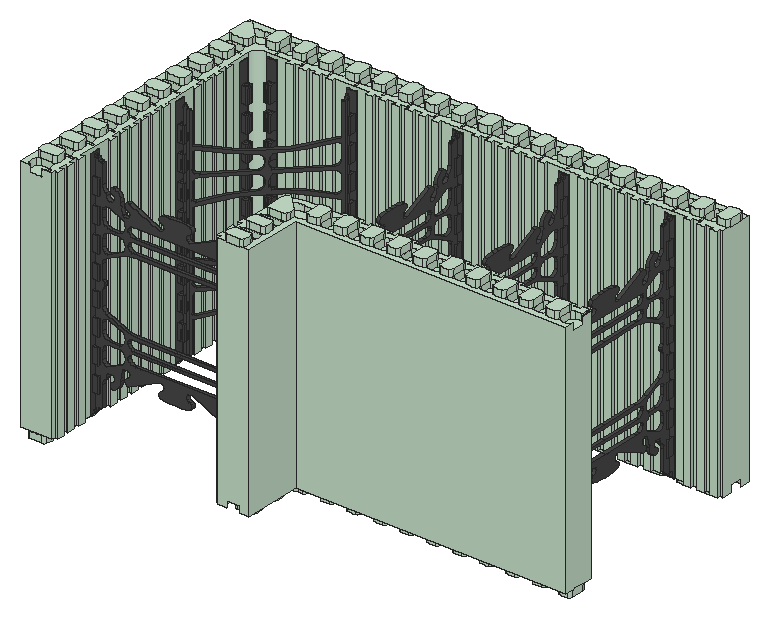
Revit family (continued)
Definition of nested family "NUDURA Diamond Pattern"
  Lines and regions (in)
    model lines
      curve 136: line (4.17062, -5.625, 4.69822) -> (4.54562, -5.625, 5.07322)
      curve 137: arc (4.54562, -5.625, 5.07322) -> (4.61884, -5.625, 5.25) -> (4.54562, -5.625, 5.42678) r 0.25
      curve 138: line (4.54562, -5.625, 5.42678) -> (4.17062, -5.625, 5.80178)
      curve 139: arc (3.69709, -5.625, 4.35858) -> (3.75567, -5.625, 4.5) -> (3.69709, -5.625, 4.64142) r 0.2
      curve 140: line (4.634, -5.625, 4.01517) -> (4.29059, -5.625, 4.35858)
      curve 141: arc (4.634, -5.625, 3.48484) -> (4.74384, -5.625, 3.75) -> (4.634, -5.625, 4.01517) r 0.375
      curve 142: line (4.29059, -5.625, 3.14142) -> (4.634, -5.625, 3.48484)
      curve 143: line (3.35367, -5.625, 3.48484) -> (3.69709, -5.625, 3.14142)
      curve 144: arc (3.35367, -5.625, 4.01517) -> (3.24384, -5.625, 3.75) -> (3.35367, -5.625, 3.48484) r 0.375
      curve 145: line (3.69709, -5.625, 4.35858) -> (3.35367, -5.625, 4.01517)
      curve 146: arc (4.17062, -5.625, 4.30178) -> (3.99384, -5.625, 4.375) -> (3.81706, -5.625, 4.30178) r 0.25
      curve 147: line (3.81706, -5.625, 4.30178) -> (3.44206, -5.625, 3.92678)
      curve 148: arc (3.44206, -5.625, 3.92678) -> (3.36884, -5.625, 3.75) -> (3.44206, -5.625, 3.57322) r 0.25
      curve 149: line (3.44206, -5.625, 3.57322) -> (3.81706, -5.625, 3.19822)
      curve 150: arc (3.81706, -5.625, 3.19822) -> (3.99384, -5.625, 3.125) -> (4.17062, -5.625, 3.19822) r 0.25
      curve 151: line (4.17062, -5.625, 3.19822) -> (4.54562, -5.625, 3.57322)
      curve 152: arc (4.54562, -5.625, 3.57322) -> (4.61884, -5.625, 3.75) -> (4.54562, -5.625, 3.92678) r 0.25
      curve 153: line (4.54562, -5.625, 3.92678) -> (4.17062, -5.625, 4.30178)
      curve 154: arc (3.69709, -5.625, 2.85858) -> (3.75567, -5.625, 3) -> (3.69709, -5.625, 3.14142) r 0.2
      curve 155: line (4.634, -5.625, 2.51517) -> (4.29059, -5.625, 2.85858)
      curve 156: arc (4.634, -5.625, 1.98484) -> (4.74384, -5.625, 2.25) -> (4.634, -5.625, 2.51517) r 0.375
      curve 157: line (4.29059, -5.625, 1.64142) -> (4.634, -5.625, 1.98484)
      curve 158: line (3.35367, -5.625, 1.98484) -> (3.69709, -5.625, 1.64142)
      curve 159: arc (3.35367, -5.625, 2.51517) -> (3.24384, -5.625, 2.25) -> (3.35367, -5.625, 1.98484) r 0.375
      curve 160: line (3.69709, -5.625, 2.85858) -> (3.35367, -5.625, 2.51517)
      curve 161: arc (4.17062, -5.625, 2.80178) -> (3.99384, -5.625, 2.875) -> (3.81706, -5.625, 2.80178) r 0.25
      curve 162: line (3.81706, -5.625, 2.80178) -> (3.44206, -5.625, 2.42678)
      curve 163: arc (3.44206, -5.625, 2.42678) -> (3.36884, -5.625, 2.25) -> (3.44206, -5.625, 2.07322) r 0.25
      curve 164: line (3.44206, -5.625, 2.07322) -> (3.81706, -5.625, 1.69822)
      curve 165: arc (3.81706, -5.625, 1.69822) -> (3.99384, -5.625, 1.625) -> (4.17062, -5.625, 1.69822) r 0.25
      curve 166: line (4.17062, -5.625, 1.69822) -> (4.54562, -5.625, 2.07322)
      curve 167: arc (4.54562, -5.625, 2.07322) -> (4.61884, -5.625, 2.25) -> (4.54562, -5.625, 2.42678) r 0.25
      curve 168: line (4.54562, -5.625, 2.42678) -> (4.17062, -5.625, 2.80178)
      curve 169: arc (3.69709, -5.625, 1.35858) -> (3.75567, -5.625, 1.5) -> (3.69709, -5.625, 1.64142) r 0.2
      curve 170: line (3.69709, -5.625, 1.35858) -> (3.35367, -5.625, 1.01517)
      curve 171: arc (3.35367, -5.625, 1.01517) -> (3.24384, -5.625, 0.75) -> (3.35367, -5.625, 0.48484) r 0.375
      curve 172: line (3.35367, -5.625, 0.48484) -> (3.72867, -5.625, 0.10984)
      curve 173: arc (3.72867, -5.625, 0.10984) -> (3.99384, -5.625, 0) -> (4.259, -5.625, 0.10984) r 0.375
      curve 174: line (4.259, -5.625, 0.10984) -> (4.634, -5.625, 0.48484)
      curve 175: arc (4.634, -5.625, 0.48484) -> (4.74384, -5.625, 0.75) -> (4.634, -5.625, 1.01517) r 0.375
      curve 176: line (4.634, -5.625, 1.01517) -> (4.29059, -5.625, 1.35858)
      curve 177: arc (4.29059, -5.625, 1.64142) -> (4.23201, -5.625, 1.5) -> (4.29059, -5.625, 1.35858) r 0.2
      curve 178: arc (4.17062, -5.625, 1.30178) -> (3.99384, -5.625, 1.375) -> (3.81706, -5.625, 1.30178) r 0.25
      curve 179: line (4.54562, -5.625, 0.92678) -> (4.17062, -5.625, 1.30178)
      curve 180: arc (4.54562, -5.625, 0.57322) -> (4.61884, -5.625, 0.75) -> (4.54562, -5.625, 0.92678) r 0.25
      curve 181: line (4.17062, -5.625, 0.19822) -> (4.54562, -5.625, 0.57322)
      curve 182: arc (3.81706, -5.625, 0.19822) -> (3.99384, -5.625, 0.125) -> (4.17062, -5.625, 0.19822) r 0.25
      curve 183: line (3.44206, -5.625, 0.57322) -> (3.81706, -5.625, 0.19822)
      curve 184: arc (3.44206, -5.625, 0.92678) -> (3.36884, -5.625, 0.75) -> (3.44206, -5.625, 0.57322) r 0.25
      curve 185: line (3.81706, -5.625, 1.30178) -> (3.44206, -5.625, 0.92678)
      curve 186: arc (4.29059, -5.625, 3.14142) -> (4.23201, -5.625, 3) -> (4.29059, -5.625, 2.85858) r 0.2
      curve 187: arc (4.29059, -5.625, 4.64142) -> (4.23201, -5.625, 4.5) -> (4.29059, -5.625, 4.35858) r 0.2
      curve 188: arc (4.29059, -5.625, 6.14142) -> (4.23201, -5.625, 6) -> (4.29059, -5.625, 5.85858) r 0.2
      curve 189: arc (4.29059, -5.625, 7.64142) -> (4.23201, -5.625, 7.5) -> (4.29059, -5.625, 7.35858) r 0.2
      curve 190: arc (4.29059, -5.625, 9.14142) -> (4.23201, -5.625, 9) -> (4.29059, -5.625, 8.85858) r 0.2
      curve 191: arc (4.29059, -5.625, 10.64142) -> (4.23201, -5.625, 10.5) -> (4.29059, -5.625, 10.35858) r 0.2
      curve 192: arc (4.29059, -5.625, 12.14142) -> (4.23201, -5.625, 12) -> (4.29059, -5.625, 11.85858) r 0.2
      curve 193: arc (4.29059, -5.625, 13.64142) -> (4.23201, -5.625, 13.5) -> (4.29059, -5.625, 13.35858) r 0.2
      curve 194: arc (4.29059, -5.625, 15.14142) -> (4.23201, -5.625, 15) -> (4.29059, -5.625, 14.85858) r 0.2
      curve 195: arc (4.29059, -5.625, 16.64142) -> (4.23201, -5.625, 16.5) -> (4.29059, -5.625, 16.35858) r 0.2
Definition of nested family "NUDURA Diamond Pattern Missing Two lines"
  Reference planes (in)
    plane 1 "Center (Front/Back)": y = 0
    plane 2: z = 0
    plane 3 "Center (Left/Right)": x = 0
    plane 4: z = 18
  Lines and regions (in)
    model lines
      curve 1: line (2, -5.625, 18) -> (2, -5.625, 0)
      curve 2: line (3.35367, -5.625, 16.98484) -> (3.69709, -5.625, 16.64142)
      curve 3: arc (3.35367, -5.625, 17.51517) -> (3.24384, -5.625, 17.25) -> (3.35367, -5.625, 16.98484) r 0.375
      curve 4: line (3.72867, -5.625, 17.89017) -> (3.35367, -5.625, 17.51517)
      curve 5: arc (4.259, -5.625, 17.89017) -> (3.99384, -5.625, 18) -> (3.72867, -5.625, 17.89017) r 0.375
      curve 6: line (4.634, -5.625, 17.51517) -> (4.259, -5.625, 17.89017)
      curve 7: arc (4.634, -5.625, 16.98484) -> (4.74384, -5.625, 17.25) -> (4.634, -5.625, 17.51517) r 0.375
      curve 8: line (4.29059, -5.625, 16.64142) -> (4.634, -5.625, 16.98484)
      curve 9: arc (4.17062, -5.625, 17.80178) -> (3.99384, -5.625, 17.875) -> (3.81706, -5.625, 17.80178) r 0.25
      curve 10: line (4.54562, -5.625, 17.42678) -> (4.17062, -5.625, 17.80178)
      curve 11: arc (4.54562, -5.625, 17.07322) -> (4.61884, -5.625, 17.25) -> (4.54562, -5.625, 17.42678) r 0.25
      curve 12: line (4.17062, -5.625, 16.69822) -> (4.54562, -5.625, 17.07322)
      curve 13: arc (3.81706, -5.625, 16.69822) -> (3.99384, -5.625, 16.625) -> (4.17062, -5.625, 16.69822) r 0.25
      curve 14: line (3.44206, -5.625, 17.07322) -> (3.81706, -5.625, 16.69822)
      curve 15: arc (3.44206, -5.625, 17.42678) -> (3.36884, -5.625, 17.25) -> (3.44206, -5.625, 17.07322) r 0.25
      curve 16: line (3.81706, -5.625, 17.80178) -> (3.44206, -5.625, 17.42678)
      curve 17: arc (3.69709, -5.625, 16.35858) -> (3.75567, -5.625, 16.5) -> (3.69709, -5.625, 16.64142) r 0.2
      curve 18: line (4.634, -5.625, 16.01517) -> (4.29059, -5.625, 16.35858)
      curve 19: arc (4.634, -5.625, 15.48484) -> (4.74384, -5.625, 15.75) -> (4.634, -5.625, 16.01517) r 0.375
      curve 20: line (4.29059, -5.625, 15.14142) -> (4.634, -5.625, 15.48484)
      curve 21: line (3.35367, -5.625, 15.48484) -> (3.69709, -5.625, 15.14142)
      curve 22: arc (3.35367, -5.625, 16.01517) -> (3.24384, -5.625, 15.75) -> (3.35367, -5.625, 15.48484) r 0.375
      curve 23: line (3.69709, -5.625, 16.35858) -> (3.35367, -5.625, 16.01517)
      curve 24: arc (4.17062, -5.625, 16.30178) -> (3.99384, -5.625, 16.375) -> (3.81706, -5.625, 16.30178) r 0.25
      curve 25: line (3.81706, -5.625, 16.30178) -> (3.44206, -5.625, 15.92678)
      curve 26: arc (3.44206, -5.625, 15.92678) -> (3.36884, -5.625, 15.75) -> (3.44206, -5.625, 15.57322) r 0.25
      curve 27: line (3.44206, -5.625, 15.57322) -> (3.81706, -5.625, 15.19822)
      curve 28: arc (3.81706, -5.625, 15.19822) -> (3.99384, -5.625, 15.125) -> (4.17062, -5.625, 15.19822) r 0.25
      curve 29: line (4.17062, -5.625, 15.19822) -> (4.54562, -5.625, 15.57322)
      curve 30: arc (4.54562, -5.625, 15.57322) -> (4.61884, -5.625, 15.75) -> (4.54562, -5.625, 15.92678) r 0.25
      curve 31: line (4.54562, -5.625, 15.92678) -> (4.17062, -5.625, 16.30178)
      curve 32: arc (3.69709, -5.625, 14.85858) -> (3.75567, -5.625, 15) -> (3.69709, -5.625, 15.14142) r 0.2
      curve 33: line (4.634, -5.625, 14.51517) -> (4.29059, -5.625, 14.85858)
      curve 34: arc (4.634, -5.625, 13.98484) -> (4.74384, -5.625, 14.25) -> (4.634, -5.625, 14.51517) r 0.375
      curve 35: line (4.29059, -5.625, 13.64142) -> (4.634, -5.625, 13.98484)
      curve 36: line (3.35367, -5.625, 13.98484) -> (3.69709, -5.625, 13.64142)
      curve 37: arc (3.35367, -5.625, 14.51517) -> (3.24384, -5.625, 14.25) -> (3.35367, -5.625, 13.98484) r 0.375
      curve 38: line (3.69709, -5.625, 14.85858) -> (3.35367, -5.625, 14.51517)
      curve 39: arc (4.17062, -5.625, 14.80178) -> (3.99384, -5.625, 14.875) -> (3.81706, -5.625, 14.80178) r 0.25
      curve 40: line (3.81706, -5.625, 14.80178) -> (3.44206, -5.625, 14.42678)
      curve 41: arc (3.44206, -5.625, 14.42678) -> (3.36884, -5.625, 14.25) -> (3.44206, -5.625, 14.07322) r 0.25
      curve 42: line (3.44206, -5.625, 14.07322) -> (3.81706, -5.625, 13.69822)
      curve 43: arc (3.81706, -5.625, 13.69822) -> (3.99384, -5.625, 13.625) -> (4.17062, -5.625, 13.69822) r 0.25
      curve 44: line (4.17062, -5.625, 13.69822) -> (4.54562, -5.625, 14.07322)
      curve 45: arc (4.54562, -5.625, 14.07322) -> (4.61884, -5.625, 14.25) -> (4.54562, -5.625, 14.42678) r 0.25
      curve 46: line (4.54562, -5.625, 14.42678) -> (4.17062, -5.625, 14.80178)
      curve 47: arc (3.69709, -5.625, 13.35858) -> (3.75567, -5.625, 13.5) -> (3.69709, -5.625, 13.64142) r 0.2
      curve 48: line (4.634, -5.625, 13.01517) -> (4.29059, -5.625, 13.35858)
      curve 49: arc (4.634, -5.625, 12.48484) -> (4.74384, -5.625, 12.75) -> (4.634, -5.625, 13.01517) r 0.375
      curve 50: line (4.29059, -5.625, 12.14142) -> (4.634, -5.625, 12.48484)
      curve 51: line (3.35367, -5.625, 12.48484) -> (3.69709, -5.625, 12.14142)
      curve 52: arc (3.35367, -5.625, 13.01517) -> (3.24384, -5.625, 12.75) -> (3.35367, -5.625, 12.48484) r 0.375
      curve 53: line (3.69709, -5.625, 13.35858) -> (3.35367, -5.625, 13.01517)
      curve 54: arc (4.17062, -5.625, 13.30178) -> (3.99384, -5.625, 13.375) -> (3.81706, -5.625, 13.30178) r 0.25
      curve 55: line (3.81706, -5.625, 13.30178) -> (3.44206, -5.625, 12.92678)
      curve 56: arc (3.44206, -5.625, 12.92678) -> (3.36884, -5.625, 12.75) -> (3.44206, -5.625, 12.57322) r 0.25
      curve 57: line (3.44206, -5.625, 12.57322) -> (3.81706, -5.625, 12.19822)
      curve 58: arc (3.81706, -5.625, 12.19822) -> (3.99384, -5.625, 12.125) -> (4.17062, -5.625, 12.19822) r 0.25
      curve 59: line (4.17062, -5.625, 12.19822) -> (4.54562, -5.625, 12.57322)
      curve 60: arc (4.54562, -5.625, 12.57322) -> (4.61884, -5.625, 12.75) -> (4.54562, -5.625, 12.92678) r 0.25
      curve 61: line (4.54562, -5.625, 12.92678) -> (4.17062, -5.625, 13.30178)
      curve 62: arc (3.69709, -5.625, 11.85858) -> (3.75567, -5.625, 12) -> (3.69709, -5.625, 12.14142) r 0.2
      curve 63: line (4.634, -5.625, 11.51517) -> (4.29059, -5.625, 11.85858)
      curve 64: arc (4.634, -5.625, 10.98484) -> (4.74384, -5.625, 11.25) -> (4.634, -5.625, 11.51517) r 0.375
      curve 65: line (4.29059, -5.625, 10.64142) -> (4.634, -5.625, 10.98484)
      curve 66: line (3.35367, -5.625, 10.98484) -> (3.69709, -5.625, 10.64142)
      curve 67: arc (3.35367, -5.625, 11.51517) -> (3.24384, -5.625, 11.25) -> (3.35367, -5.625, 10.98484) r 0.375
      curve 68: line (3.69709, -5.625, 11.85858) -> (3.35367, -5.625, 11.51517)
      curve 69: arc (4.17062, -5.625, 11.80178) -> (3.99384, -5.625, 11.875) -> (3.81706, -5.625, 11.80178) r 0.25
      curve 70: line (3.81706, -5.625, 11.80178) -> (3.44206, -5.625, 11.42678)
      curve 71: arc (3.44206, -5.625, 11.42678) -> (3.36884, -5.625, 11.25) -> (3.44206, -5.625, 11.07322) r 0.25
      curve 72: line (3.44206, -5.625, 11.07322) -> (3.81706, -5.625, 10.69822)
      curve 73: arc (3.81706, -5.625, 10.69822) -> (3.99384, -5.625, 10.625) -> (4.17062, -5.625, 10.69822) r 0.25
      curve 74: line (4.17062, -5.625, 10.69822) -> (4.54562, -5.625, 11.07322)
      curve 75: arc (4.54562, -5.625, 11.07322) -> (4.61884, -5.625, 11.25) -> (4.54562, -5.625, 11.42678) r 0.25
      curve 76: line (4.54562, -5.625, 11.42678) -> (4.17062, -5.625, 11.80178)
      curve 77: arc (3.69709, -5.625, 10.35858) -> (3.75567, -5.625, 10.5) -> (3.69709, -5.625, 10.64142) r 0.2
      curve 78: line (4.634, -5.625, 10.01517) -> (4.29059, -5.625, 10.35858)
      curve 79: arc (4.634, -5.625, 9.48484) -> (4.74384, -5.625, 9.75) -> (4.634, -5.625, 10.01517) r 0.375
      curve 80: line (4.29059, -5.625, 9.14142) -> (4.634, -5.625, 9.48484)
      curve 81: line (3.35367, -5.625, 9.48484) -> (3.69709, -5.625, 9.14142)
      curve 82: arc (3.35367, -5.625, 10.01517) -> (3.24384, -5.625, 9.75) -> (3.35367, -5.625, 9.48484) r 0.375
      curve 83: line (3.69709, -5.625, 10.35858) -> (3.35367, -5.625, 10.01517)
      curve 84: arc (4.17062, -5.625, 10.30178) -> (3.99384, -5.625, 10.375) -> (3.81706, -5.625, 10.30178) r 0.25
      curve 85: line (3.81706, -5.625, 10.30178) -> (3.44206, -5.625, 9.92678)
      curve 86: arc (3.44206, -5.625, 9.92678) -> (3.36884, -5.625, 9.75) -> (3.44206, -5.625, 9.57322) r 0.25
      curve 87: line (3.44206, -5.625, 9.57322) -> (3.81706, -5.625, 9.19822)
      curve 88: arc (3.81706, -5.625, 9.19822) -> (3.99384, -5.625, 9.125) -> (4.17062, -5.625, 9.19822) r 0.25
      curve 89: line (4.17062, -5.625, 9.19822) -> (4.54562, -5.625, 9.57322)
      curve 90: arc (4.54562, -5.625, 9.57322) -> (4.61884, -5.625, 9.75) -> (4.54562, -5.625, 9.92678) r 0.25
      curve 91: line (4.54562, -5.625, 9.92678) -> (4.17062, -5.625, 10.30178)
      curve 92: arc (3.69709, -5.625, 8.85858) -> (3.75567, -5.625, 9) -> (3.69709, -5.625, 9.14142) r 0.2
      curve 93: line (4.634, -5.625, 8.51517) -> (4.29059, -5.625, 8.85858)
      curve 94: arc (4.634, -5.625, 7.98484) -> (4.74384, -5.625, 8.25) -> (4.634, -5.625, 8.51517) r 0.375
      curve 95: line (4.29059, -5.625, 7.64142) -> (4.634, -5.625, 7.98484)
      curve 96: line (3.35367, -5.625, 7.98484) -> (3.69709, -5.625, 7.64142)
      curve 97: arc (3.35367, -5.625, 8.51517) -> (3.24384, -5.625, 8.25) -> (3.35367, -5.625, 7.98484) r 0.375
      curve 98: line (3.69709, -5.625, 8.85858) -> (3.35367, -5.625, 8.51517)
      curve 99: arc (4.17062, -5.625, 8.80178) -> (3.99384, -5.625, 8.875) -> (3.81706, -5.625, 8.80178) r 0.25
      curve 100: line (3.81706, -5.625, 8.80178) -> (3.44206, -5.625, 8.42678)
      curve 101: arc (3.44206, -5.625, 8.42678) -> (3.36884, -5.625, 8.25) -> (3.44206, -5.625, 8.07322) r 0.25
      curve 102: line (3.44206, -5.625, 8.07322) -> (3.81706, -5.625, 7.69822)
      curve 103: arc (3.81706, -5.625, 7.69822) -> (3.99384, -5.625, 7.625) -> (4.17062, -5.625, 7.69822) r 0.25
      curve 104: line (4.17062, -5.625, 7.69822) -> (4.54562, -5.625, 8.07322)
      curve 105: arc (4.54562, -5.625, 8.07322) -> (4.61884, -5.625, 8.25) -> (4.54562, -5.625, 8.42678) r 0.25
      curve 106: line (4.54562, -5.625, 8.42678) -> (4.17062, -5.625, 8.80178)
      curve 107: arc (3.69709, -5.625, 7.35858) -> (3.75567, -5.625, 7.5) -> (3.69709, -5.625, 7.64142) r 0.2
      curve 108: line (4.634, -5.625, 7.01517) -> (4.29059, -5.625, 7.35858)
      curve 109: arc (4.634, -5.625, 6.48484) -> (4.74384, -5.625, 6.75) -> (4.634, -5.625, 7.01517) r 0.375
      curve 110: line (4.29059, -5.625, 6.14142) -> (4.634, -5.625, 6.48484)
      curve 111: line (3.35367, -5.625, 6.48484) -> (3.69709, -5.625, 6.14142)
      curve 112: arc (3.35367, -5.625, 7.01517) -> (3.24384, -5.625, 6.75) -> (3.35367, -5.625, 6.48484) r 0.375
      curve 113: line (3.69709, -5.625, 7.35858) -> (3.35367, -5.625, 7.01517)
      curve 114: arc (4.17062, -5.625, 7.30178) -> (3.99384, -5.625, 7.375) -> (3.81706, -5.625, 7.30178) r 0.25
      curve 115: line (3.81706, -5.625, 7.30178) -> (3.44206, -5.625, 6.92678)
      curve 116: arc (3.44206, -5.625, 6.92678) -> (3.36884, -5.625, 6.75) -> (3.44206, -5.625, 6.57322) r 0.25
      curve 117: line (3.44206, -5.625, 6.57322) -> (3.81706, -5.625, 6.19822)
      curve 118: arc (3.81706, -5.625, 6.19822) -> (3.99384, -5.625, 6.125) -> (4.17062, -5.625, 6.19822) r 0.25
      curve 119: line (4.17062, -5.625, 6.19822) -> (4.54562, -5.625, 6.57322)
      curve 120: arc (4.54562, -5.625, 6.57322) -> (4.61884, -5.625, 6.75) -> (4.54562, -5.625, 6.92678) r 0.25
      curve 121: line (4.54562, -5.625, 6.92678) -> (4.17062, -5.625, 7.30178)
      curve 122: arc (3.69709, -5.625, 5.85858) -> (3.75567, -5.625, 6) -> (3.69709, -5.625, 6.14142) r 0.2
      curve 123: line (4.634, -5.625, 5.51517) -> (4.29059, -5.625, 5.85858)
      curve 124: arc (4.634, -5.625, 4.98484) -> (4.74384, -5.625, 5.25) -> (4.634, -5.625, 5.51517) r 0.375
      curve 125: line (4.29059, -5.625, 4.64142) -> (4.634, -5.625, 4.98484)
      curve 126: line (3.35367, -5.625, 4.98484) -> (3.69709, -5.625, 4.64142)
      curve 127: arc (3.35367, -5.625, 5.51517) -> (3.24384, -5.625, 5.25) -> (3.35367, -5.625, 4.98484) r 0.375
      curve 128: line (3.69709, -5.625, 5.85858) -> (3.35367, -5.625, 5.51517)
      curve 129: arc (4.17062, -5.625, 5.80178) -> (3.99384, -5.625, 5.875) -> (3.81706, -5.625, 5.80178) r 0.25
      curve 130: line (3.81706, -5.625, 5.80178) -> (3.44206, -5.625, 5.42678)
      curve 131: arc (3.44206, -5.625, 5.42678) -> (3.36884, -5.625, 5.25) -> (3.44206, -5.625, 5.07322) r 0.25
      curve 132: line (3.44206, -5.625, 5.07322) -> (3.81706, -5.625, 4.69822)
      curve 133: arc (3.81706, -5.625, 4.69822) -> (3.99384, -5.625, 4.625) -> (4.17062, -5.625, 4.69822) r 0.25
      curve 134: line (4.17062, -5.625, 4.69822) -> (4.54562, -5.625, 5.07322)
      curve 135: arc (4.54562, -5.625, 5.07322) -> (4.61884, -5.625, 5.25) -> (4.54562, -5.625, 5.42678) r 0.25
      curve 136: line (4.54562, -5.625, 5.42678) -> (4.17062, -5.625, 5.80178)
      curve 137: arc (3.69709, -5.625, 4.35858) -> (3.75567, -5.625, 4.5) -> (3.69709, -5.625, 4.64142) r 0.2
      curve 138: line (4.634, -5.625, 4.01517) -> (4.29059, -5.625, 4.35858)
      curve 139: arc (4.634, -5.625, 3.48484) -> (4.74384, -5.625, 3.75) -> (4.634, -5.625, 4.01517) r 0.375
      curve 140: line (4.29059, -5.625, 3.14142) -> (4.634, -5.625, 3.48484)
      curve 141: line (3.35367, -5.625, 3.48484) -> (3.69709, -5.625, 3.14142)
      curve 142: arc (3.35367, -5.625, 4.01517) -> (3.24384, -5.625, 3.75) -> (3.35367, -5.625, 3.48484) r 0.375
      curve 143: line (3.69709, -5.625, 4.35858) -> (3.35367, -5.625, 4.01517)
      curve 144: arc (4.17062, -5.625, 4.30178) -> (3.99384, -5.625, 4.375) -> (3.81706, -5.625, 4.30178) r 0.25
      curve 145: line (3.81706, -5.625, 4.30178) -> (3.44206, -5.625, 3.92678)
      curve 146: arc (3.44206, -5.625, 3.92678) -> (3.36884, -5.625, 3.75) -> (3.44206, -5.625, 3.57322) r 0.25
      curve 147: line (3.44206, -5.625, 3.57322) -> (3.81706, -5.625, 3.19822)
      curve 148: arc (3.81706, -5.625, 3.19822) -> (3.99384, -5.625, 3.125) -> (4.17062, -5.625, 3.19822) r 0.25
      curve 149: line (4.17062, -5.625, 3.19822) -> (4.54562, -5.625, 3.57322)
      curve 150: arc (4.54562, -5.625, 3.57322) -> (4.61884, -5.625, 3.75) -> (4.54562, -5.625, 3.92678) r 0.25
      curve 151: line (4.54562, -5.625, 3.92678) -> (4.17062, -5.625, 4.30178)
      curve 152: arc (3.69709, -5.625, 2.85858) -> (3.75567, -5.625, 3) -> (3.69709, -5.625, 3.14142) r 0.2
      curve 153: line (4.634, -5.625, 2.51517) -> (4.29059, -5.625, 2.85858)
      curve 154: arc (4.634, -5.625, 1.98484) -> (4.74384, -5.625, 2.25) -> (4.634, -5.625, 2.51517) r 0.375
      curve 155: line (4.29059, -5.625, 1.64142) -> (4.634, -5.625, 1.98484)
      curve 156: line (3.35367, -5.625, 1.98484) -> (3.69709, -5.625, 1.64142)
      curve 157: arc (3.35367, -5.625, 2.51517) -> (3.24384, -5.625, 2.25) -> (3.35367, -5.625, 1.98484) r 0.375
      curve 158: line (3.69709, -5.625, 2.85858) -> (3.35367, -5.625, 2.51517)
      curve 159: arc (4.17062, -5.625, 2.80178) -> (3.99384, -5.625, 2.875) -> (3.81706, -5.625, 2.80178) r 0.25
      curve 160: line (3.81706, -5.625, 2.80178) -> (3.44206, -5.625, 2.42678)
      curve 161: arc (3.44206, -5.625, 2.42678) -> (3.36884, -5.625, 2.25) -> (3.44206, -5.625, 2.07322) r 0.25
      curve 162: line (3.44206, -5.625, 2.07322) -> (3.81706, -5.625, 1.69822)
      curve 163: arc (3.81706, -5.625, 1.69822) -> (3.99384, -5.625, 1.625) -> (4.17062, -5.625, 1.69822) r 0.25
      curve 164: line (4.17062, -5.625, 1.69822) -> (4.54562, -5.625, 2.07322)
      curve 165: arc (4.54562, -5.625, 2.07322) -> (4.61884, -5.625, 2.25) -> (4.54562, -5.625, 2.42678) r 0.25
      curve 166: line (4.54562, -5.625, 2.42678) -> (4.17062, -5.625, 2.80178)
      curve 167: arc (3.69709, -5.625, 1.35858) -> (3.75567, -5.625, 1.5) -> (3.69709, -5.625, 1.64142) r 0.2
      curve 168: line (3.69709, -5.625, 1.35858) -> (3.35367, -5.625, 1.01517)
      curve 169: arc (3.35367, -5.625, 1.01517) -> (3.24384, -5.625, 0.75) -> (3.35367, -5.625, 0.48484) r 0.375
      curve 170: line (3.35367, -5.625, 0.48484) -> (3.72867, -5.625, 0.10984)
      curve 171: arc (3.72867, -5.625, 0.10984) -> (3.99384, -5.625, 0) -> (4.259, -5.625, 0.10984) r 0.375
      curve 172: line (4.259, -5.625, 0.10984) -> (4.634, -5.625, 0.48484)
      curve 173: arc (4.634, -5.625, 0.48484) -> (4.74384, -5.625, 0.75) -> (4.634, -5.625, 1.01517) r 0.375
      curve 174: line (4.634, -5.625, 1.01517) -> (4.29059, -5.625, 1.35858)
      curve 175: arc (4.29059, -5.625, 1.64142) -> (4.23201, -5.625, 1.5) -> (4.29059, -5.625, 1.35858) r 0.2
      curve 176: arc (4.17062, -5.625, 1.30178) -> (3.99384, -5.625, 1.375) -> (3.81706, -5.625, 1.30178) r 0.25
      curve 177: line (4.54562, -5.625, 0.92678) -> (4.17062, -5.625, 1.30178)
      curve 178: arc (4.54562, -5.625, 0.57322) -> (4.61884, -5.625, 0.75) -> (4.54562, -5.625, 0.92678) r 0.25
      curve 179: line (4.17062, -5.625, 0.19822) -> (4.54562, -5.625, 0.57322)
      curve 180: arc (3.81706, -5.625, 0.19822) -> (3.99384, -5.625, 0.125) -> (4.17062, -5.625, 0.19822) r 0.25
      curve 181: line (3.44206, -5.625, 0.57322) -> (3.81706, -5.625, 0.19822)
      curve 182: arc (3.44206, -5.625, 0.92678) -> (3.36884, -5.625, 0.75) -> (3.44206, -5.625, 0.57322) r 0.25
      curve 183: line (3.81706, -5.625, 1.30178) -> (3.44206, -5.625, 0.92678)
      curve 184: arc (4.29059, -5.625, 3.14142) -> (4.23201, -5.625, 3) -> (4.29059, -5.625, 2.85858) r 0.2
      curve 185: arc (4.29059, -5.625, 4.64142) -> (4.23201, -5.625, 4.5) -> (4.29059, -5.625, 4.35858) r 0.2
      curve 186: arc (4.29059, -5.625, 6.14142) -> (4.23201, -5.625, 6) -> (4.29059, -5.625, 5.85858) r 0.2
      curve 187: arc (4.29059, -5.625, 7.64142) -> (4.23201, -5.625, 7.5) -> (4.29059, -5.625, 7.35858) r 0.2
      curve 188: arc (4.29059, -5.625, 9.14142) -> (4.23201, -5.625, 9) -> (4.29059, -5.625, 8.85858) r 0.2
      curve 189: arc (4.29059, -5.625, 10.64142) -> (4.23201, -5.625, 10.5) -> (4.29059, -5.625, 10.35858) r 0.2
      curve 190: arc (4.29059, -5.625, 12.14142) -> (4.23201, -5.625, 12) -> (4.29059, -5.625, 11.85858) r 0.2
      curve 191: arc (4.29059, -5.625, 13.64142) -> (4.23201, -5.625, 13.5) -> (4.29059, -5.625, 13.35858) r 0.2
      curve 192: arc (4.29059, -5.625, 15.14142) -> (4.23201, -5.625, 15) -> (4.29059, -5.625, 14.85858) r 0.2
      curve 193: arc (4.29059, -5.625, 16.64142) -> (4.23201, -5.625, 16.5) -> (4.29059, -5.625, 16.35858) r 0.2
Definition of nested family "NUDURA Diamond Pattern Missing Left Line"
  Reference planes (in)
    plane 1 "Center (Front/Back)": y = 0
    plane 2: z = 0
    plane 3 "Center (Left/Right)": x = 0
    plane 4: z = 18
  Lines and regions (in)
    model lines
      curve 1: line (8, -5.625, 18) -> (8, -5.625, 0)
      curve 2: line (6, -5.625, 18) -> (6, -5.625, 0)
      curve 3: line (3.35367, -5.625, 16.98484) -> (3.69709, -5.625, 16.64142)
      curve 4: arc (3.35367, -5.625, 17.51517) -> (3.24384, -5.625, 17.25) -> (3.35367, -5.625, 16.98484) r 0.375
      curve 5: line (3.72867, -5.625, 17.89017) -> (3.35367, -5.625, 17.51517)
      curve 6: arc (4.259, -5.625, 17.89017) -> (3.99384, -5.625, 18) -> (3.72867, -5.625, 17.89017) r 0.375
      curve 7: line (4.634, -5.625, 17.51517) -> (4.259, -5.625, 17.89017)
      curve 8: arc (4.634, -5.625, 16.98484) -> (4.74384, -5.625, 17.25) -> (4.634, -5.625, 17.51517) r 0.375
      curve 9: line (4.29059, -5.625, 16.64142) -> (4.634, -5.625, 16.98484)
      curve 10: arc (4.17062, -5.625, 17.80178) -> (3.99384, -5.625, 17.875) -> (3.81706, -5.625, 17.80178) r 0.25
      curve 11: line (4.54562, -5.625, 17.42678) -> (4.17062, -5.625, 17.80178)
      curve 12: arc (4.54562, -5.625, 17.07322) -> (4.61884, -5.625, 17.25) -> (4.54562, -5.625, 17.42678) r 0.25
      curve 13: line (4.17062, -5.625, 16.69822) -> (4.54562, -5.625, 17.07322)
      curve 14: arc (3.81706, -5.625, 16.69822) -> (3.99384, -5.625, 16.625) -> (4.17062, -5.625, 16.69822) r 0.25
      curve 15: line (3.44206, -5.625, 17.07322) -> (3.81706, -5.625, 16.69822)
      curve 16: arc (3.44206, -5.625, 17.42678) -> (3.36884, -5.625, 17.25) -> (3.44206, -5.625, 17.07322) r 0.25
      curve 17: line (3.81706, -5.625, 17.80178) -> (3.44206, -5.625, 17.42678)
      curve 18: arc (3.69709, -5.625, 16.35858) -> (3.75567, -5.625, 16.5) -> (3.69709, -5.625, 16.64142) r 0.2
      curve 19: line (4.634, -5.625, 16.01517) -> (4.29059, -5.625, 16.35858)
      curve 20: arc (4.634, -5.625, 15.48484) -> (4.74384, -5.625, 15.75) -> (4.634, -5.625, 16.01517) r 0.375
      curve 21: line (4.29059, -5.625, 15.14142) -> (4.634, -5.625, 15.48484)
      curve 22: line (3.35367, -5.625, 15.48484) -> (3.69709, -5.625, 15.14142)
      curve 23: arc (3.35367, -5.625, 16.01517) -> (3.24384, -5.625, 15.75) -> (3.35367, -5.625, 15.48484) r 0.375
      curve 24: line (3.69709, -5.625, 16.35858) -> (3.35367, -5.625, 16.01517)
      curve 25: arc (4.17062, -5.625, 16.30178) -> (3.99384, -5.625, 16.375) -> (3.81706, -5.625, 16.30178) r 0.25
      curve 26: line (3.81706, -5.625, 16.30178) -> (3.44206, -5.625, 15.92678)
      curve 27: arc (3.44206, -5.625, 15.92678) -> (3.36884, -5.625, 15.75) -> (3.44206, -5.625, 15.57322) r 0.25
      curve 28: line (3.44206, -5.625, 15.57322) -> (3.81706, -5.625, 15.19822)
      curve 29: arc (3.81706, -5.625, 15.19822) -> (3.99384, -5.625, 15.125) -> (4.17062, -5.625, 15.19822) r 0.25
      curve 30: line (4.17062, -5.625, 15.19822) -> (4.54562, -5.625, 15.57322)
      curve 31: arc (4.54562, -5.625, 15.57322) -> (4.61884, -5.625, 15.75) -> (4.54562, -5.625, 15.92678) r 0.25
      curve 32: line (4.54562, -5.625, 15.92678) -> (4.17062, -5.625, 16.30178)
      curve 33: arc (3.69709, -5.625, 14.85858) -> (3.75567, -5.625, 15) -> (3.69709, -5.625, 15.14142) r 0.2
      curve 34: line (4.634, -5.625, 14.51517) -> (4.29059, -5.625, 14.85858)
      curve 35: arc (4.634, -5.625, 13.98484) -> (4.74384, -5.625, 14.25) -> (4.634, -5.625, 14.51517) r 0.375
      curve 36: line (4.29059, -5.625, 13.64142) -> (4.634, -5.625, 13.98484)
      curve 37: line (3.35367, -5.625, 13.98484) -> (3.69709, -5.625, 13.64142)
      curve 38: arc (3.35367, -5.625, 14.51517) -> (3.24384, -5.625, 14.25) -> (3.35367, -5.625, 13.98484) r 0.375
      curve 39: line (3.69709, -5.625, 14.85858) -> (3.35367, -5.625, 14.51517)
      curve 40: arc (4.17062, -5.625, 14.80178) -> (3.99384, -5.625, 14.875) -> (3.81706, -5.625, 14.80178) r 0.25
      curve 41: line (3.81706, -5.625, 14.80178) -> (3.44206, -5.625, 14.42678)
      curve 42: arc (3.44206, -5.625, 14.42678) -> (3.36884, -5.625, 14.25) -> (3.44206, -5.625, 14.07322) r 0.25
      curve 43: line (3.44206, -5.625, 14.07322) -> (3.81706, -5.625, 13.69822)
      curve 44: arc (3.81706, -5.625, 13.69822) -> (3.99384, -5.625, 13.625) -> (4.17062, -5.625, 13.69822) r 0.25
      curve 45: line (4.17062, -5.625, 13.69822) -> (4.54562, -5.625, 14.07322)
      curve 46: arc (4.54562, -5.625, 14.07322) -> (4.61884, -5.625, 14.25) -> (4.54562, -5.625, 14.42678) r 0.25
      curve 47: line (4.54562, -5.625, 14.42678) -> (4.17062, -5.625, 14.80178)
      curve 48: arc (3.69709, -5.625, 13.35858) -> (3.75567, -5.625, 13.5) -> (3.69709, -5.625, 13.64142) r 0.2
      curve 49: line (4.634, -5.625, 13.01517) -> (4.29059, -5.625, 13.35858)
      curve 50: arc (4.634, -5.625, 12.48484) -> (4.74384, -5.625, 12.75) -> (4.634, -5.625, 13.01517) r 0.375
      curve 51: line (4.29059, -5.625, 12.14142) -> (4.634, -5.625, 12.48484)
      curve 52: line (3.35367, -5.625, 12.48484) -> (3.69709, -5.625, 12.14142)
      curve 53: arc (3.35367, -5.625, 13.01517) -> (3.24384, -5.625, 12.75) -> (3.35367, -5.625, 12.48484) r 0.375
      curve 54: line (3.69709, -5.625, 13.35858) -> (3.35367, -5.625, 13.01517)
      curve 55: arc (4.17062, -5.625, 13.30178) -> (3.99384, -5.625, 13.375) -> (3.81706, -5.625, 13.30178) r 0.25
      curve 56: line (3.81706, -5.625, 13.30178) -> (3.44206, -5.625, 12.92678)
      curve 57: arc (3.44206, -5.625, 12.92678) -> (3.36884, -5.625, 12.75) -> (3.44206, -5.625, 12.57322) r 0.25
      curve 58: line (3.44206, -5.625, 12.57322) -> (3.81706, -5.625, 12.19822)
      curve 59: arc (3.81706, -5.625, 12.19822) -> (3.99384, -5.625, 12.125) -> (4.17062, -5.625, 12.19822) r 0.25
      curve 60: line (4.17062, -5.625, 12.19822) -> (4.54562, -5.625, 12.57322)
      curve 61: arc (4.54562, -5.625, 12.57322) -> (4.61884, -5.625, 12.75) -> (4.54562, -5.625, 12.92678) r 0.25
      curve 62: line (4.54562, -5.625, 12.92678) -> (4.17062, -5.625, 13.30178)
      curve 63: arc (3.69709, -5.625, 11.85858) -> (3.75567, -5.625, 12) -> (3.69709, -5.625, 12.14142) r 0.2
      curve 64: line (4.634, -5.625, 11.51517) -> (4.29059, -5.625, 11.85858)
      curve 65: arc (4.634, -5.625, 10.98484) -> (4.74384, -5.625, 11.25) -> (4.634, -5.625, 11.51517) r 0.375
      curve 66: line (4.29059, -5.625, 10.64142) -> (4.634, -5.625, 10.98484)
      curve 67: line (3.35367, -5.625, 10.98484) -> (3.69709, -5.625, 10.64142)
      curve 68: arc (3.35367, -5.625, 11.51517) -> (3.24384, -5.625, 11.25) -> (3.35367, -5.625, 10.98484) r 0.375
      curve 69: line (3.69709, -5.625, 11.85858) -> (3.35367, -5.625, 11.51517)
      curve 70: arc (4.17062, -5.625, 11.80178) -> (3.99384, -5.625, 11.875) -> (3.81706, -5.625, 11.80178) r 0.25
      curve 71: line (3.81706, -5.625, 11.80178) -> (3.44206, -5.625, 11.42678)
      curve 72: arc (3.44206, -5.625, 11.42678) -> (3.36884, -5.625, 11.25) -> (3.44206, -5.625, 11.07322) r 0.25
      curve 73: line (3.44206, -5.625, 11.07322) -> (3.81706, -5.625, 10.69822)
      curve 74: arc (3.81706, -5.625, 10.69822) -> (3.99384, -5.625, 10.625) -> (4.17062, -5.625, 10.69822) r 0.25
      curve 75: line (4.17062, -5.625, 10.69822) -> (4.54562, -5.625, 11.07322)
      curve 76: arc (4.54562, -5.625, 11.07322) -> (4.61884, -5.625, 11.25) -> (4.54562, -5.625, 11.42678) r 0.25
      curve 77: line (4.54562, -5.625, 11.42678) -> (4.17062, -5.625, 11.80178)
      curve 78: arc (3.69709, -5.625, 10.35858) -> (3.75567, -5.625, 10.5) -> (3.69709, -5.625, 10.64142) r 0.2
      curve 79: line (4.634, -5.625, 10.01517) -> (4.29059, -5.625, 10.35858)
      curve 80: arc (4.634, -5.625, 9.48484) -> (4.74384, -5.625, 9.75) -> (4.634, -5.625, 10.01517) r 0.375
      curve 81: line (4.29059, -5.625, 9.14142) -> (4.634, -5.625, 9.48484)
      curve 82: line (3.35367, -5.625, 9.48484) -> (3.69709, -5.625, 9.14142)
      curve 83: arc (3.35367, -5.625, 10.01517) -> (3.24384, -5.625, 9.75) -> (3.35367, -5.625, 9.48484) r 0.375
      curve 84: line (3.69709, -5.625, 10.35858) -> (3.35367, -5.625, 10.01517)
      curve 85: arc (4.17062, -5.625, 10.30178) -> (3.99384, -5.625, 10.375) -> (3.81706, -5.625, 10.30178) r 0.25
      curve 86: line (3.81706, -5.625, 10.30178) -> (3.44206, -5.625, 9.92678)
      curve 87: arc (3.44206, -5.625, 9.92678) -> (3.36884, -5.625, 9.75) -> (3.44206, -5.625, 9.57322) r 0.25
      curve 88: line (3.44206, -5.625, 9.57322) -> (3.81706, -5.625, 9.19822)
      curve 89: arc (3.81706, -5.625, 9.19822) -> (3.99384, -5.625, 9.125) -> (4.17062, -5.625, 9.19822) r 0.25
      curve 90: line (4.17062, -5.625, 9.19822) -> (4.54562, -5.625, 9.57322)
      curve 91: arc (4.54562, -5.625, 9.57322) -> (4.61884, -5.625, 9.75) -> (4.54562, -5.625, 9.92678) r 0.25
      curve 92: line (4.54562, -5.625, 9.92678) -> (4.17062, -5.625, 10.30178)
      curve 93: arc (3.69709, -5.625, 8.85858) -> (3.75567, -5.625, 9) -> (3.69709, -5.625, 9.14142) r 0.2
      curve 94: line (4.634, -5.625, 8.51517) -> (4.29059, -5.625, 8.85858)
      curve 95: arc (4.634, -5.625, 7.98484) -> (4.74384, -5.625, 8.25) -> (4.634, -5.625, 8.51517) r 0.375
      curve 96: line (4.29059, -5.625, 7.64142) -> (4.634, -5.625, 7.98484)
      curve 97: line (3.35367, -5.625, 7.98484) -> (3.69709, -5.625, 7.64142)
      curve 98: arc (3.35367, -5.625, 8.51517) -> (3.24384, -5.625, 8.25) -> (3.35367, -5.625, 7.98484) r 0.375
      curve 99: line (3.69709, -5.625, 8.85858) -> (3.35367, -5.625, 8.51517)
      curve 100: arc (4.17062, -5.625, 8.80178) -> (3.99384, -5.625, 8.875) -> (3.81706, -5.625, 8.80178) r 0.25
      curve 101: line (3.81706, -5.625, 8.80178) -> (3.44206, -5.625, 8.42678)
      curve 102: arc (3.44206, -5.625, 8.42678) -> (3.36884, -5.625, 8.25) -> (3.44206, -5.625, 8.07322) r 0.25
      curve 103: line (3.44206, -5.625, 8.07322) -> (3.81706, -5.625, 7.69822)
      curve 104: arc (3.81706, -5.625, 7.69822) -> (3.99384, -5.625, 7.625) -> (4.17062, -5.625, 7.69822) r 0.25
      curve 105: line (4.17062, -5.625, 7.69822) -> (4.54562, -5.625, 8.07322)
      curve 106: arc (4.54562, -5.625, 8.07322) -> (4.61884, -5.625, 8.25) -> (4.54562, -5.625, 8.42678) r 0.25
      curve 107: line (4.54562, -5.625, 8.42678) -> (4.17062, -5.625, 8.80178)
      curve 108: arc (3.69709, -5.625, 7.35858) -> (3.75567, -5.625, 7.5) -> (3.69709, -5.625, 7.64142) r 0.2
      curve 109: line (4.634, -5.625, 7.01517) -> (4.29059, -5.625, 7.35858)
      curve 110: arc (4.634, -5.625, 6.48484) -> (4.74384, -5.625, 6.75) -> (4.634, -5.625, 7.01517) r 0.375
      curve 111: line (4.29059, -5.625, 6.14142) -> (4.634, -5.625, 6.48484)
      curve 112: line (3.35367, -5.625, 6.48484) -> (3.69709, -5.625, 6.14142)
      curve 113: arc (3.35367, -5.625, 7.01517) -> (3.24384, -5.625, 6.75) -> (3.35367, -5.625, 6.48484) r 0.375
      curve 114: line (3.69709, -5.625, 7.35858) -> (3.35367, -5.625, 7.01517)
      curve 115: arc (4.17062, -5.625, 7.30178) -> (3.99384, -5.625, 7.375) -> (3.81706, -5.625, 7.30178) r 0.25
      curve 116: line (3.81706, -5.625, 7.30178) -> (3.44206, -5.625, 6.92678)
      curve 117: arc (3.44206, -5.625, 6.92678) -> (3.36884, -5.625, 6.75) -> (3.44206, -5.625, 6.57322) r 0.25
      curve 118: line (3.44206, -5.625, 6.57322) -> (3.81706, -5.625, 6.19822)
      curve 119: arc (3.81706, -5.625, 6.19822) -> (3.99384, -5.625, 6.125) -> (4.17062, -5.625, 6.19822) r 0.25
      curve 120: line (4.17062, -5.625, 6.19822) -> (4.54562, -5.625, 6.57322)
      curve 121: arc (4.54562, -5.625, 6.57322) -> (4.61884, -5.625, 6.75) -> (4.54562, -5.625, 6.92678) r 0.25
      curve 122: line (4.54562, -5.625, 6.92678) -> (4.17062, -5.625, 7.30178)
      curve 123: arc (3.69709, -5.625, 5.85858) -> (3.75567, -5.625, 6) -> (3.69709, -5.625, 6.14142) r 0.2
      curve 124: line (4.634, -5.625, 5.51517) -> (4.29059, -5.625, 5.85858)
      curve 125: arc (4.634, -5.625, 4.98484) -> (4.74384, -5.625, 5.25) -> (4.634, -5.625, 5.51517) r 0.375
      curve 126: line (4.29059, -5.625, 4.64142) -> (4.634, -5.625, 4.98484)
      curve 127: line (3.35367, -5.625, 4.98484) -> (3.69709, -5.625, 4.64142)
      curve 128: arc (3.35367, -5.625, 5.51517) -> (3.24384, -5.625, 5.25) -> (3.35367, -5.625, 4.98484) r 0.375
      curve 129: line (3.69709, -5.625, 5.85858) -> (3.35367, -5.625, 5.51517)
      curve 130: arc (4.17062, -5.625, 5.80178) -> (3.99384, -5.625, 5.875) -> (3.81706, -5.625, 5.80178) r 0.25
      curve 131: line (3.81706, -5.625, 5.80178) -> (3.44206, -5.625, 5.42678)
      curve 132: arc (3.44206, -5.625, 5.42678) -> (3.36884, -5.625, 5.25) -> (3.44206, -5.625, 5.07322) r 0.25
      curve 133: line (3.44206, -5.625, 5.07322) -> (3.81706, -5.625, 4.69822)
      curve 134: arc (3.81706, -5.625, 4.69822) -> (3.99384, -5.625, 4.625) -> (4.17062, -5.625, 4.69822) r 0.25
      curve 135: line (4.17062, -5.625, 4.69822) -> (4.54562, -5.625, 5.07322)
      curve 136: arc (4.54562, -5.625, 5.07322) -> (4.61884, -5.625, 5.25) -> (4.54562, -5.625, 5.42678) r 0.25
      curve 137: line (4.54562, -5.625, 5.42678) -> (4.17062, -5.625, 5.80178)
      curve 138: arc (3.69709, -5.625, 4.35858) -> (3.75567, -5.625, 4.5) -> (3.69709, -5.625, 4.64142) r 0.2
      curve 139: line (4.634, -5.625, 4.01517) -> (4.29059, -5.625, 4.35858)
      curve 140: arc (4.634, -5.625, 3.48484) -> (4.74384, -5.625, 3.75) -> (4.634, -5.625, 4.01517) r 0.375
      curve 141: line (4.29059, -5.625, 3.14142) -> (4.634, -5.625, 3.48484)
      curve 142: line (3.35367, -5.625, 3.48484) -> (3.69709, -5.625, 3.14142)
      curve 143: arc (3.35367, -5.625, 4.01517) -> (3.24384, -5.625, 3.75) -> (3.35367, -5.625, 3.48484) r 0.375
      curve 144: line (3.69709, -5.625, 4.35858) -> (3.35367, -5.625, 4.01517)
      curve 145: arc (4.17062, -5.625, 4.30178) -> (3.99384, -5.625, 4.375) -> (3.81706, -5.625, 4.30178) r 0.25
      curve 146: line (3.81706, -5.625, 4.30178) -> (3.44206, -5.625, 3.92678)
      curve 147: arc (3.44206, -5.625, 3.92678) -> (3.36884, -5.625, 3.75) -> (3.44206, -5.625, 3.57322) r 0.25
      curve 148: line (3.44206, -5.625, 3.57322) -> (3.81706, -5.625, 3.19822)
      curve 149: arc (3.81706, -5.625, 3.19822) -> (3.99384, -5.625, 3.125) -> (4.17062, -5.625, 3.19822) r 0.25
      curve 150: line (4.17062, -5.625, 3.19822) -> (4.54562, -5.625, 3.57322)
      curve 151: arc (4.54562, -5.625, 3.57322) -> (4.61884, -5.625, 3.75) -> (4.54562, -5.625, 3.92678) r 0.25
      curve 152: line (4.54562, -5.625, 3.92678) -> (4.17062, -5.625, 4.30178)
      curve 153: arc (3.69709, -5.625, 2.85858) -> (3.75567, -5.625, 3) -> (3.69709, -5.625, 3.14142) r 0.2
      curve 154: line (4.634, -5.625, 2.51517) -> (4.29059, -5.625, 2.85858)
      curve 155: arc (4.634, -5.625, 1.98484) -> (4.74384, -5.625, 2.25) -> (4.634, -5.625, 2.51517) r 0.375
      curve 156: line (4.29059, -5.625, 1.64142) -> (4.634, -5.625, 1.98484)
      curve 157: line (3.35367, -5.625, 1.98484) -> (3.69709, -5.625, 1.64142)
      curve 158: arc (3.35367, -5.625, 2.51517) -> (3.24384, -5.625, 2.25) -> (3.35367, -5.625, 1.98484) r 0.375
      curve 159: line (3.69709, -5.625, 2.85858) -> (3.35367, -5.625, 2.51517)
      curve 160: arc (4.17062, -5.625, 2.80178) -> (3.99384, -5.625, 2.875) -> (3.81706, -5.625, 2.80178) r 0.25
      curve 161: line (3.81706, -5.625, 2.80178) -> (3.44206, -5.625, 2.42678)
      curve 162: arc (3.44206, -5.625, 2.42678) -> (3.36884, -5.625, 2.25) -> (3.44206, -5.625, 2.07322) r 0.25
      curve 163: line (3.44206, -5.625, 2.07322) -> (3.81706, -5.625, 1.69822)
      curve 164: arc (3.81706, -5.625, 1.69822) -> (3.99384, -5.625, 1.625) -> (4.17062, -5.625, 1.69822) r 0.25
      curve 165: line (4.17062, -5.625, 1.69822) -> (4.54562, -5.625, 2.07322)
      curve 166: arc (4.54562, -5.625, 2.07322) -> (4.61884, -5.625, 2.25) -> (4.54562, -5.625, 2.42678) r 0.25
      curve 167: line (4.54562, -5.625, 2.42678) -> (4.17062, -5.625, 2.80178)
      curve 168: arc (3.69709, -5.625, 1.35858) -> (3.75567, -5.625, 1.5) -> (3.69709, -5.625, 1.64142) r 0.2
      curve 169: line (3.69709, -5.625, 1.35858) -> (3.35367, -5.625, 1.01517)
      curve 170: arc (3.35367, -5.625, 1.01517) -> (3.24384, -5.625, 0.75) -> (3.35367, -5.625, 0.48484) r 0.375
      curve 171: line (3.35367, -5.625, 0.48484) -> (3.72867, -5.625, 0.10984)
      curve 172: arc (3.72867, -5.625, 0.10984) -> (3.99384, -5.625, 0) -> (4.259, -5.625, 0.10984) r 0.375
      curve 173: line (4.259, -5.625, 0.10984) -> (4.634, -5.625, 0.48484)
      curve 174: arc (4.634, -5.625, 0.48484) -> (4.74384, -5.625, 0.75) -> (4.634, -5.625, 1.01517) r 0.375
      curve 175: line (4.634, -5.625, 1.01517) -> (4.29059, -5.625, 1.35858)
      curve 176: arc (4.29059, -5.625, 1.64142) -> (4.23201, -5.625, 1.5) -> (4.29059, -5.625, 1.35858) r 0.2
      curve 177: arc (4.17062, -5.625, 1.30178) -> (3.99384, -5.625, 1.375) -> (3.81706, -5.625, 1.30178) r 0.25
      curve 178: line (4.54562, -5.625, 0.92678) -> (4.17062, -5.625, 1.30178)
      curve 179: arc (4.54562, -5.625, 0.57322) -> (4.61884, -5.625, 0.75) -> (4.54562, -5.625, 0.92678) r 0.25
      curve 180: line (4.17062, -5.625, 0.19822) -> (4.54562, -5.625, 0.57322)
      curve 181: arc (3.81706, -5.625, 0.19822) -> (3.99384, -5.625, 0.125) -> (4.17062, -5.625, 0.19822) r 0.25
      curve 182: line (3.44206, -5.625, 0.57322) -> (3.81706, -5.625, 0.19822)
      curve 183: arc (3.44206, -5.625, 0.92678) -> (3.36884, -5.625, 0.75) -> (3.44206, -5.625, 0.57322) r 0.25
      curve 184: line (3.81706, -5.625, 1.30178) -> (3.44206, -5.625, 0.92678)
      curve 185: arc (4.29059, -5.625, 3.14142) -> (4.23201, -5.625, 3) -> (4.29059, -5.625, 2.85858) r 0.2
      curve 186: arc (4.29059, -5.625, 4.64142) -> (4.23201, -5.625, 4.5) -> (4.29059, -5.625, 4.35858) r 0.2
      curve 187: arc (4.29059, -5.625, 6.14142) -> (4.23201, -5.625, 6) -> (4.29059, -5.625, 5.85858) r 0.2
      curve 188: arc (4.29059, -5.625, 7.64142) -> (4.23201, -5.625, 7.5) -> (4.29059, -5.625, 7.35858) r 0.2
      curve 189: arc (4.29059, -5.625, 9.14142) -> (4.23201, -5.625, 9) -> (4.29059, -5.625, 8.85858) r 0.2
      curve 190: arc (4.29059, -5.625, 10.64142) -> (4.23201, -5.625, 10.5) -> (4.29059, -5.625, 10.35858) r 0.2
      curve 191: arc (4.29059, -5.625, 12.14142) -> (4.23201, -5.625, 12) -> (4.29059, -5.625, 11.85858) r 0.2
      curve 192: arc (4.29059, -5.625, 13.64142) -> (4.23201, -5.625, 13.5) -> (4.29059, -5.625, 13.35858) r 0.2
      curve 193: arc (4.29059, -5.625, 15.14142) -> (4.23201, -5.625, 15) -> (4.29059, -5.625, 14.85858) r 0.2
      curve 194: arc (4.29059, -5.625, 16.64142) -> (4.23201, -5.625, 16.5) -> (4.29059, -5.625, 16.35858) r 0.2
Definition of nested family "NUDURA Logo Diamond"
  Reference planes (in)
    plane 1 "Center (Front/Back)": y = 0
    plane 2: z = 0
    plane 3 "Center (Left/Right)": x = 0
  Lines and regions (in)
    model lines
      curve 1: line (12.59848, 0, 17.50104) -> (12.24492, 0, 17.85459)
      curve 2: line (12.36113, 0, 16.76872) -> (12.59848, 0, 17.00607)
      curve 3: line (12.59848, 0, 16.00104) -> (12.36113, 0, 16.23839)
      curve 4: line (12.36113, 0, 15.26872) -> (12.59848, 0, 15.50607)
      curve 5: line (12.59848, 0, 14.50104) -> (12.36113, 0, 14.73839)
      curve 6: line (12.36113, 0, 13.76872) -> (12.59848, 0, 14.00607)
      curve 7: line (12.17421, 0, 13.28388) -> (12.71208, 0, 12.74602)
      curve 8: line (12.71208, 0, 12.74602) -> (12.78279, 0, 12.81673)
      curve 9: line (11.28279, 0, 12.74602) -> (11.82066, 0, 13.28388)
      curve 10: line (11.63374, 0, 13.23839) -> (11.21208, 0, 12.81673)
      curve 11: line (11.3964, 0, 14.00607) -> (11.63374, 0, 13.76872)
      curve 12: line (11.63374, 0, 14.73839) -> (11.3964, 0, 14.50104)
      curve 13: line (11.3964, 0, 15.50607) -> (11.63374, 0, 15.26872)
      curve 14: line (11.63374, 0, 16.23839) -> (11.3964, 0, 16.00104)
      curve 15: line (11.3964, 0, 17.00607) -> (11.63374, 0, 16.76872)
      curve 16: line (11.74995, 0, 17.85459) -> (11.3964, 0, 17.50104)
      curve 17: line (11.82066, 0, 17.78388) -> (11.46711, 0, 17.43033)
      curve 18: line (12.52777, 0, 17.43033) -> (12.17421, 0, 17.78388)
      curve 19: line (12.17421, 0, 16.72322) -> (12.52777, 0, 17.07678)
      curve 20: line (11.46711, 0, 17.07678) -> (11.82066, 0, 16.72322)
      curve 21: arc (11.3964, 0, 17.50104) -> (11.29388, 0, 17.25355) -> (11.3964, 0, 17.00607) r 0.35
      curve 22: arc (11.74995, 0, 17.85459) -> (11.99744, 0, 17.95711) -> (12.24492, 0, 17.85459) r 0.35
      curve 23: arc (11.46711, 0, 17.43033) -> (11.39388, 0, 17.25355) -> (11.46711, 0, 17.07678) r 0.25
      curve 24: arc (12.52777, 0, 17.43033) -> (12.60099, 0, 17.25355) -> (12.52777, 0, 17.07678) r 0.25
      curve 25: arc (12.17421, 0, 16.72322) -> (11.99744, 0, 16.65) -> (11.82066, 0, 16.72322) r 0.25
      curve 26: arc (11.82066, 0, 17.78388) -> (11.99744, 0, 17.85711) -> (12.17421, 0, 17.78388) r 0.25
      curve 27: arc (12.59848, 0, 17.50104) -> (12.70099, 0, 17.25355) -> (12.59848, 0, 17.00607) r 0.35
      curve 28: arc (11.63374, 0, 16.76872) -> (11.74358, 0, 16.50355) -> (11.63374, 0, 16.23839) r 0.375
      curve 29: arc (12.36113, 0, 16.76872) -> (12.2513, 0, 16.50355) -> (12.36113, 0, 16.23839) r 0.375
      curve 30: line (12.36113, 0, 15.26872) -> (12.59848, 0, 15.50607)
      curve 31: line (11.3964, 0, 15.50607) -> (11.63374, 0, 15.26872)
      curve 32: line (11.82066, 0, 16.28388) -> (11.46711, 0, 15.93033)
      curve 33: line (12.52777, 0, 15.93033) -> (12.17421, 0, 16.28388)
      curve 34: line (12.17421, 0, 15.22322) -> (12.52777, 0, 15.57678)
      curve 35: line (11.46711, 0, 15.57678) -> (11.82066, 0, 15.22322)
      curve 36: arc (11.3964, 0, 16.00104) -> (11.29388, 0, 15.75355) -> (11.3964, 0, 15.50607) r 0.35
      curve 37: arc (11.46711, 0, 15.93033) -> (11.39388, 0, 15.75355) -> (11.46711, 0, 15.57678) r 0.25
      curve 38: arc (12.52777, 0, 15.93033) -> (12.60099, 0, 15.75355) -> (12.52777, 0, 15.57678) r 0.25
      curve 39: arc (12.17421, 0, 15.22322) -> (11.99744, 0, 15.15) -> (11.82066, 0, 15.22322) r 0.25
      curve 40: arc (11.82066, 0, 16.28388) -> (11.99744, 0, 16.35711) -> (12.17421, 0, 16.28388) r 0.25
      curve 41: arc (12.59848, 0, 16.00104) -> (12.70099, 0, 15.75355) -> (12.59848, 0, 15.50607) r 0.35
      curve 42: line (11.63374, 0, 16.23839) -> (11.3964, 0, 16.00104)
      curve 43: line (12.59848, 0, 16.00104) -> (12.36113, 0, 16.23839)
      curve 44: arc (11.63374, 0, 15.26872) -> (11.74358, 0, 15.00355) -> (11.63374, 0, 14.73839) r 0.375
      curve 45: arc (12.36113, 0, 15.26872) -> (12.2513, 0, 15.00355) -> (12.36113, 0, 14.73839) r 0.375
      curve 46: line (12.36113, 0, 13.76872) -> (12.59848, 0, 14.00607)
      curve 47: line (11.3964, 0, 14.00607) -> (11.63374, 0, 13.76872)
      curve 48: line (11.82066, 0, 14.78388) -> (11.46711, 0, 14.43033)
      curve 49: line (12.52777, 0, 14.43033) -> (12.17421, 0, 14.78388)
      curve 50: line (12.17421, 0, 13.72322) -> (12.52777, 0, 14.07678)
      curve 51: line (11.46711, 0, 14.07678) -> (11.82066, 0, 13.72322)
      curve 52: arc (11.3964, 0, 14.50104) -> (11.29388, 0, 14.25355) -> (11.3964, 0, 14.00607) r 0.35
      curve 53: arc (11.46711, 0, 14.43033) -> (11.39388, 0, 14.25355) -> (11.46711, 0, 14.07678) r 0.25
      curve 54: arc (12.52777, 0, 14.43033) -> (12.60099, 0, 14.25355) -> (12.52777, 0, 14.07678) r 0.25
      curve 55: arc (12.17421, 0, 13.72322) -> (11.99744, 0, 13.65) -> (11.82066, 0, 13.72322) r 0.25
      curve 56: arc (11.82066, 0, 14.78388) -> (11.99744, 0, 14.85711) -> (12.17421, 0, 14.78388) r 0.25
      curve 57: arc (12.59848, 0, 14.50104) -> (12.70099, 0, 14.25355) -> (12.59848, 0, 14.00607) r 0.35
      curve 58: line (11.63374, 0, 14.73839) -> (11.3964, 0, 14.50104)
      curve 59: arc (11.63374, 0, 13.76872) -> (11.74358, 0, 13.50355) -> (11.63374, 0, 13.23839) r 0.375
      curve 60: arc (12.36113, 0, 13.76872) -> (12.2513, 0, 13.50355) -> (12.36113, 0, 13.23839) r 0.375
      curve 61: line (12.78279, 0, 12.81673) -> (12.36113, 0, 13.23839)
      curve 62: line (11.21208, 0, 12.81673) -> (11.28279, 0, 12.74602)
      curve 63: arc (11.82066, 0, 13.28388) -> (11.99744, 0, 13.35711) -> (12.17421, 0, 13.28388) r 0.25
      curve 64: line (12.59848, 0, 0.50607) -> (12.24492, 0, 0.15251)
      curve 65: line (12.36113, 0, 1.23839) -> (12.59848, 0, 1.00104)
      curve 66: line (12.59848, 0, 2.00607) -> (12.36113, 0, 1.76872)
      curve 67: line (12.36113, 0, 2.73839) -> (12.59848, 0, 2.50104)
      curve 68: line (12.59848, 0, 3.50607) -> (12.36113, 0, 3.26872)
      curve 69: line (12.36113, 0, 4.23839) -> (12.59848, 0, 4.00104)
      curve 70: line (12.17421, 0, 4.72322) -> (12.71208, 0, 5.26109)
      curve 71: line (12.71208, 0, 5.26109) -> (12.78279, 0, 5.19038)
      curve 72: line (11.28279, 0, 5.26109) -> (11.82066, 0, 4.72322)
      curve 73: line (11.63374, 0, 4.76872) -> (11.21208, 0, 5.19038)
      curve 74: line (11.3964, 0, 4.00104) -> (11.63374, 0, 4.23839)
      curve 75: line (11.63374, 0, 3.26872) -> (11.3964, 0, 3.50607)
      curve 76: line (11.3964, 0, 2.50104) -> (11.63374, 0, 2.73839)
      curve 77: line (11.63374, 0, 1.76872) -> (11.3964, 0, 2.00607)
      curve 78: line (11.3964, 0, 1.00104) -> (11.63374, 0, 1.23839)
      curve 79: line (11.74995, 0, 0.15251) -> (11.3964, 0, 0.50607)
      curve 80: line (11.82066, 0, 0.22322) -> (11.46711, 0, 0.57678)
      curve 81: line (12.52777, 0, 0.57678) -> (12.17421, 0, 0.22322)
      curve 82: line (12.17421, 0, 1.28388) -> (12.52777, 0, 0.93033)
      curve 83: line (11.46711, 0, 0.93033) -> (11.82066, 0, 1.28388)
      curve 84: arc (11.3964, 0, 0.50607) -> (11.29388, 0, 0.75355) -> (11.3964, 0, 1.00104) r 0.35
      curve 85: arc (11.74995, 0, 0.15251) -> (11.99744, 0, 0.05) -> (12.24492, 0, 0.15251) r 0.35
      curve 86: arc (11.46711, 0, 0.57678) -> (11.39388, 0, 0.75355) -> (11.46711, 0, 0.93033) r 0.25
      curve 87: arc (12.52777, 0, 0.57678) -> (12.60099, 0, 0.75355) -> (12.52777, 0, 0.93033) r 0.25
      curve 88: arc (12.17421, 0, 1.28388) -> (11.99744, 0, 1.35711) -> (11.82066, 0, 1.28388) r 0.25
      curve 89: arc (11.82066, 0, 0.22322) -> (11.99744, 0, 0.15) -> (12.17421, 0, 0.22322) r 0.25
      curve 90: arc (12.59848, 0, 0.50607) -> (12.70099, 0, 0.75355) -> (12.59848, 0, 1.00104) r 0.35
      curve 91: arc (11.63374, 0, 1.23839) -> (11.74358, 0, 1.50355) -> (11.63374, 0, 1.76872) r 0.375
      curve 92: arc (12.36113, 0, 1.23839) -> (12.2513, 0, 1.50355) -> (12.36113, 0, 1.76872) r 0.375
      curve 93: line (12.36113, 0, 2.73839) -> (12.59848, 0, 2.50104)
      curve 94: line (11.3964, 0, 2.50104) -> (11.63374, 0, 2.73839)
      curve 95: line (11.82066, 0, 1.72322) -> (11.46711, 0, 2.07678)
      curve 96: line (12.52777, 0, 2.07678) -> (12.17421, 0, 1.72322)
      curve 97: line (12.17421, 0, 2.78388) -> (12.52777, 0, 2.43033)
      curve 98: line (11.46711, 0, 2.43033) -> (11.82066, 0, 2.78388)
      curve 99: arc (11.3964, 0, 2.00607) -> (11.29388, 0, 2.25355) -> (11.3964, 0, 2.50104) r 0.35
      curve 100: arc (11.46711, 0, 2.07678) -> (11.39388, 0, 2.25355) -> (11.46711, 0, 2.43033) r 0.25
      curve 101: arc (12.52777, 0, 2.07678) -> (12.60099, 0, 2.25355) -> (12.52777, 0, 2.43033) r 0.25
      curve 102: arc (12.17421, 0, 2.78388) -> (11.99744, 0, 2.85711) -> (11.82066, 0, 2.78388) r 0.25
      curve 103: arc (11.82066, 0, 1.72322) -> (11.99744, 0, 1.65) -> (12.17421, 0, 1.72322) r 0.25
      curve 104: arc (12.59848, 0, 2.00607) -> (12.70099, 0, 2.25355) -> (12.59848, 0, 2.50104) r 0.35
      curve 105: line (11.63374, 0, 1.76872) -> (11.3964, 0, 2.00607)
      curve 106: line (12.59848, 0, 2.00607) -> (12.36113, 0, 1.76872)
      curve 107: arc (11.63374, 0, 2.73839) -> (11.74358, 0, 3.00355) -> (11.63374, 0, 3.26872) r 0.375
      curve 108: arc (12.36113, 0, 2.73839) -> (12.2513, 0, 3.00355) -> (12.36113, 0, 3.26872) r 0.375
      curve 109: line (12.36113, 0, 4.23839) -> (12.59848, 0, 4.00104)
      curve 110: line (11.3964, 0, 4.00104) -> (11.63374, 0, 4.23839)
      curve 111: line (11.82066, 0, 3.22322) -> (11.46711, 0, 3.57678)
      curve 112: line (12.52777, 0, 3.57678) -> (12.17421, 0, 3.22322)
